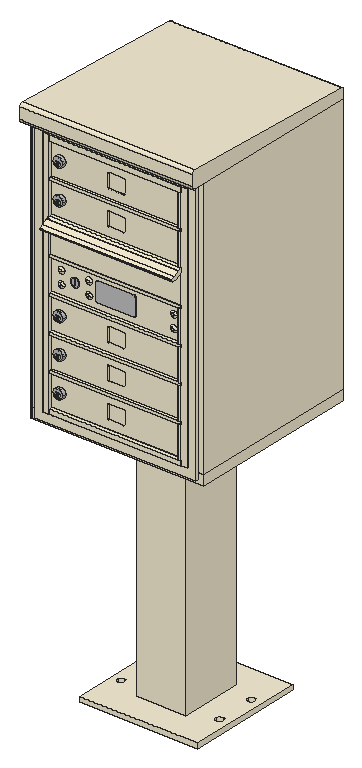
Revit family "Mailboxes_4C-Salsbury_Industries-Pedestal_Mounted-7_Door_High_Units", category Specialty Equipment, Revit 2016
Family settings
  Part Type = Normal
  Round Connector Dimension = Use Diameter
  OmniClass Number = 23.40.90.14.11
  OmniClass Title = Mail Boxes
  Work Plane-Based = No
  Always vertical = Yes
  Cut with Voids When Loaded = No
  Shared = No
  Room Calculation Point = No
Parameters (values of type "3407S-05")
  Width = 17.496"
  Visible Door Number [instance] = yes
  Version = "1.0 (06/30/17)"
  URL = "www.mailboxes.com"
  Type Comments = "Pedestal Mounted 4C Horizontal Mailboxes - Front Loading"
  OmniClass 23 Title = "Mail Boxes"
  OmniClass 23 Number = "23.40.90.14.11"
  Model = "3407S-05"
  MasterFormat Title = "Postal Specialties"
  MasterFormat Number = "10 55 00"
  Manufacturer = "Salsbury Industries"
  Lock Material = Stainless Steel - Salsbury Finish -  Polished
  Height = 55.125"
  Front Panel Material [instance] = Paint - Salsbury Finish - Sandstone
  Pedestal Height = 26.000"
  Door Slot R7 Number [instance] = "5"
  Door Slot R6 Number [instance] = "4"
  Door Slot R5 Number [instance] = "3"
  Door Slot R4 Number [instance] = "0"
  Door Slot R3 Number [instance] = "0"
  Door Slot R2 Number [instance] = "2"
  Door Slot R1 Number [instance] = "1"
  Door Slot L7 Number [instance] = "0"
  Door Slot L6 Number [instance] = "0"
  Door Slot L5 Number [instance] = "0"
  Door Slot L4 Number [instance] = "0"
  Door Slot L3 Number [instance] = "0"
  Door Slot L2 Number [instance] = "0"
  Door Slot L1 Number [instance] = "0"
  Description = "7 Door High Unit:  5 MB1, OM2"
  Depth = 19.000"
  Assembly Description = "Mailboxes"
  Assembly Code = "C1030910"
  4C Unit Height = 27.000"
  4C Unit Elevation = 26.375"
  4C Unit = Mailboxes_4C-Salsbury_Industries-Front_Load-7_Door_High_Units : 3707S-05 FL
Reference planes (in)
  plane 1 "Center (Front/Back)": y = 0
  plane 2 "Bottom of Unit": z = 0
  plane 3 "Center (Left/Right)": x = 0
  plane 4 "Left Side of Unit": x = 8.748
  plane 5 "Right Side of Unit": x = -8.748
  plane 6 "Front of Unit": y = -9.5
  plane 7 "Back of Unit": y = 9.5
  plane 8: z = 27.5625
  plane 9 "Top of Unit": z = 55.125
  plane 10 "Top Trim Line of Enclosure": z = 53.375
  plane 11 "Left Trim Line of Enclosure": x = 7.6855
  plane 12 "Right Trim Line of Enclosure": x = -7.685
  plane 13 "Top Back Line of Unit": z = 54.375
  plane 14 "Top of Pedestal, Bottom of Enclosure": z = 26
  plane 15 "Alignment of 4C Unit": y = -8.125
  plane 16: x = -8.667
  plane 17: x = 8.667
  plane 18: y = 9.419
  plane 19: y = -8.044
  plane 20: x = -8.667
  plane 21: x = 8.667
  plane 22: y = -8.044
  plane 23: y = 9.419
  plane 24: x = -8.667
  plane 25: x = 8.667
  plane 26: y = 9.419
  plane 27: y = -8.044
  plane 28 "Bottom Trim Line of 4C Unit": z = 26.375
  plane 29 "4C Unit Side Alignment": x = -8.17183
  plane 30 "Top Pedestal Base-Bottom Side": z = 25.5
  plane 31 "Bottom Line of Enclosure Opening": z = 27
  plane 32: z = 26.081
  plane 33 "Bottom Pedestal Base-Top Side": z = 0.5
  plane 34 "Pedestal Support - Left Side": x = -2.50001
  plane 35 "Pedestal Support - Right Side": x = 2.50001
  plane 36 "Back of Pedestal Base": y = 6.625
  plane 37 "Front of Pedestal Base": y = -5.375
  plane 38 "Pedestal Support - Back": y = 3.812
  plane 39 "Pedestal Support - Front": y = -2.563
  plane 40 "Left Side of Pedestal Base": x = -6
  plane 41 "Right Side of Pedestal Base": x = 6
  plane 42: y = 2.625
  plane 43: y = -1.375
  plane 44: x = -5
  plane 45: x = 5
Forms (in)
  Extrusion 1, solid, material "Paint - Salsbury Finish - Sandstone" <- "Front Panel Material"
    sketch origin (0, 0, 1.5) x (0, 1, 0) y (-1, 0, 0)
      loop
        line (-8.125, 7.685) -> (-8.044, 7.685) -> (-8.044, 8.667) -> (9.419, 8.667) -> (9.419, -8.667) -> (-8.044, -8.667) -> (-8.044, -7.6855) -> (-8.125, -7.6855) -> (-8.125, -8.748) -> (9.5, -8.748) -> (9.5, 8.748) -> (-8.125, 8.748) -> (-8.125, 7.685)
    from 25.5 to 51.875
  Extrusion 2, solid, material "Paint - Salsbury Finish - Sandstone" <- "Front Panel Material"
    sketch origin (0, 0, 26) x (0, 1, 0) y (-1, 0, 0)
      loop
        line (9.5, 8.748) -> (-8.125, 8.748) -> (-8.125, -8.748) -> (9.5, -8.748) -> (9.5, 8.748)
      loop
        line (9.419, 8.667) -> (-8.044, 8.667) -> (-8.044, -8.667) -> (9.419, -8.667) -> (9.419, 8.667)
    from 0 to 1
  Extrusion 3, solid, material "Paint - Salsbury Finish - Sandstone" <- "Front Panel Material"
    sketch origin (0, 0, 26) x (0, 1, 0) y (-1, 0, 0)
      loop
        line (9.419, 8.667) -> (-8.044, 8.667) -> (-8.044, -8.667) -> (9.419, -8.667) -> (9.419, 8.667)
    from 0 to 0.081
  Extrusion 4, solid, material "Paint - Salsbury Finish - Sandstone" <- "Front Panel Material"
    sketch origin (0, 0, 0) x (0, 1, 0) y (0, 0, 1)
      loop
        line (-9.18965, 53.375) -> (9.5, 53.375) -> (9.5, 54.26571)
        arc (9.5, 54.26571) -> (9.47754, 54.33373) -> (9.419, 54.375) r 0.11423
        line (9.419, 54.375) -> (-9.184, 55.125)
        arc (-9.184, 55.125) -> (-9.40731, 55.03386) -> (-9.5, 54.81119) r 0.31382
        line (-9.5, 54.81119) -> (-9.5, 53.68535)
        arc (-9.5, 53.68535) -> (-9.4091, 53.4659) -> (-9.18965, 53.375) r 0.31035
    from -8.748 to 8.748
  Extrusion 5, solid, material "Paint - Salsbury Finish - Sandstone" <- "Front Panel Material"
    sketch origin (0, 0, 0) x (1, 0, 0) y (0, 1, 0)
      loop
        line (-6, 6.625) -> (-6, -5.375) -> (6, -5.375) -> (6, 6.625) -> (-6, 6.625)
    from 0 to 0.5
  Extrusion 6, solid, material "Paint - Salsbury Finish - Sandstone" <- "Front Panel Material"
    sketch origin (0, 0, 25.5) x (0, -1, 0) y (1, 0, 0)
      loop
        line (-6.625, -6) -> (5.375, -6) -> (5.375, 6) -> (-6.625, 6) -> (-6.625, -6)
    from 0 to 0.5
  Extrusion 7, solid, material "Paint - Salsbury Finish - Sandstone" <- "Front Panel Material"
    sketch origin (0, 0, 0.5) x (0, -1, 0) y (1, 0, 0)
      loop
        line (-3.812, -2.50001) -> (2.563, -2.50001) -> (2.563, 2.50001) -> (-3.812, 2.50001) -> (-3.812, -2.50001)
    from 0 to 25
  Extrusion 8, void
    sketch origin (0, 0, 0) x (1, 0, 0) y (0, 1, 0)
      loop
        circle (-5, 2.625) r 0.375
      loop
        circle (-5, -1.375) r 0.375
      loop
        circle (5, 2.625) r 0.375
      loop
        circle (5, -1.375) r 0.375
    from 0 to 0.5
  Extrusion 9, void
    sketch origin (0, 0, 25.5) x (0, -1, 0) y (1, 0, 0)
      loop
        circle (-2.625, -5) r 0.375
      loop
        circle (1.375, -5) r 0.375
      loop
        circle (-2.625, 5) r 0.375
      loop
        circle (1.375, 5) r 0.375
    from 0 to 0.5
Cuts and joins
  Extrusion 8 cuts Extrusion 5
  Extrusion 9 cuts Extrusion 3
  Extrusion 9 cuts Extrusion 6
Lines and regions (in)
  symbolic lines
    curve 1: line (-8.748, 9.5, 0) -> (8.748, 9.5, 0)
    curve 2: line (-8.748, -8.125, 0) -> (-8.748, 9.5, 0)
    curve 3: line (8.748, -8.125, 0) -> (-8.748, -8.125, 0)
    curve 4: line (8.748, 9.5, 0) -> (8.748, -8.125, 0)
    curve 5: line (-8.748, 0, 55.125) -> (8.748, 0, 55.125)
    curve 6: line (-8.748, 0, 26) -> (-8.748, 0, 55.125)
    curve 7: line (8.748, 0, 26) -> (-8.748, 0, 26)
    curve 8: line (8.748, 0, 55.125) -> (8.748, 0, 26)
    curve 9: line (-8.748, 0, 53.375) -> (8.748, 0, 53.375)
    curve 10: line (-7.685, 0, 27) -> (-7.685, 0, 53.375)
    curve 11: line (7.6855, 0, 27) -> (7.6855, 0, 53.375)
    curve 12: line (0, -8.125, 53.37573) -> (0, 9.5, 53.37573)
    curve 13: line (0, -8.125, 26) -> (0, -8.125, 53.37573)
    curve 14: line (0, 6.625, 0) -> (0, -5.375, 0)
    curve 15: line (0, 9.5, 53.37573) -> (0, 9.5, 26)
    curve 16: line (0, -8.125, 27) -> (0, 9.5, 27)
    curve 17: line (0, 9.5, 54.26571) -> (0, 9.5, 53.37573)
    curve 18: line (0, 9.5, 53.37573) -> (0, -9.19074, 53.37573)
    curve 19: line (0, -9.5, 53.68499) -> (0, -9.5, 54.81031)
    curve 20: arc (0, -9.19074, 53.37573) -> (0, -9.40942, 53.46631) -> (0, -9.5, 53.68499) r 0.30926
    curve 21: arc (0, -9.5, 54.81031) -> (0, -9.40736, 55.03396) -> (0, -9.18371, 55.1266) r 0.31629
    curve 22: arc (0, 9.5, 54.26571) -> (0, 9.47754, 54.33373) -> (0, 9.419, 54.375) r 0.11423
    curve 23: line (0, 9.419, 54.375) -> (0, -9.18371, 55.1266)
    curve 24: line (-8.748, 0, 27) -> (8.748, 0, 27)
    curve 25: line (-6, 0, 26) -> (-6, 0, 25.5)
    curve 26: line (-6, 0, 25.5) -> (6, 0, 25.5)
    curve 27: line (6, 0, 25.5) -> (6, 0, 26)
    curve 28: line (-6, 0, 0.5) -> (6, 0, 0.5)
    curve 29: line (-6, 0, 0) -> (-6, 0, 0.5)
    curve 30: line (6, 0, 0) -> (-6, 0, 0)
    curve 31: line (6, 0, 0.5) -> (6, 0, 0)
    curve 32: line (-2.50001, 0, 0.5) -> (-2.50001, 0, 25.5)
    curve 33: line (2.50001, 0, 0.5) -> (2.50001, 0, 25.5)
    curve 34: line (0, -8.125, 26) -> (0, 9.5, 26)
    curve 35: line (0, -5.375, 26) -> (0, -5.375, 25.5)
    curve 36: line (0, -5.375, 25.5) -> (0, 6.625, 25.5)
    curve 37: line (0, 6.625, 25.5) -> (0, 6.625, 26)
    curve 38: line (0, 6.625, 0) -> (0, 6.625, 0.5)
    curve 39: line (0, 6.625, 0.5) -> (0, -5.375, 0.5)
    curve 40: line (0, -5.375, 0.5) -> (0, -5.375, 0)
    curve 41: line (0, -2.563, 0.5) -> (0, -2.563, 25.5)
    curve 42: line (0, 3.812, 0.5) -> (0, 3.812, 25.5)
Dimensions and locks (in)
  equal spacing: plane 6 "Front of Unit", plane 1 "Center (Front/Back)", plane 7 "Back of Unit"
  "Depth": plane 6 "Front of Unit" to plane 7 "Back of Unit"
  equal spacing: plane 5 "Right Side of Unit", plane 3 "Center (Left/Right)", plane 4 "Left Side of Unit"
  "Width": plane 5 "Right Side of Unit" to plane 4 "Left Side of Unit"
  equal spacing: plane 2 "Bottom of Unit", plane 8, plane 9 "Top of Unit"
  plane 2 "Bottom of Unit" to plane 9 "Top of Unit" = 55.125"
  "Pedestal Height": plane 2 "Bottom of Unit" to plane 14 "Top of Pedestal, Bottom of Enclosure"
  locked: plane 5 "Right Side of Unit" to plane 12 "Right Trim Line of Enclosure" at 1.063
  locked: plane 11 "Left Trim Line of Enclosure" to plane 4 "Left Side of Unit" at 1.0625
  plane 10 "Top Trim Line of Enclosure" to plane 13 "Top Back Line of Unit" to plane 9 "Top of Unit" = 1.000", 0.750"
  plane 6 "Front of Unit" to plane 15 "Alignment of 4C Unit" = 1.375"
  plane 10 "Top Trim Line of Enclosure" to plane 9 "Top of Unit" = 1.750"
  plane 5 "Right Side of Unit" to plane 16 = 0.081"
  plane 18 to plane 7 "Back of Unit" = 0.081"
  plane 17 to plane 4 "Left Side of Unit" = 0.081"
  plane 15 "Alignment of 4C Unit" to plane 19 = 0.081"
  plane 23 to plane 7 "Back of Unit" = 0.081"
  plane 5 "Right Side of Unit" to plane 20 = 0.081"
  plane 21 to plane 4 "Left Side of Unit" = 0.081"
  plane 15 "Alignment of 4C Unit" to plane 22 = 0.081"
  plane 15 "Alignment of 4C Unit" to plane 27 = 0.081"
  plane 25 to plane 4 "Left Side of Unit" = 0.081"
  plane 5 "Right Side of Unit" to plane 24 = 0.081"
  plane 26 to plane 7 "Back of Unit" = 0.081"
  plane 29 "4C Unit Side Alignment" to plane 12 "Right Trim Line of Enclosure" = 0.48683"
  "Height": plane 9 "Top of Unit" to plane 2 "Bottom of Unit"
  "4C Unit Height": plane 10 "Top Trim Line of Enclosure" to plane 28 "Bottom Trim Line of 4C Unit"
  plane 31 "Bottom Line of Enclosure Opening" to plane 14 "Top of Pedestal, Bottom of Enclosure" to plane 30 "Top Pedestal Base-Bottom Side" = 1.000", 0.500"
  locked: plane 32 to plane 14 "Top of Pedestal, Bottom of Enclosure" at 0.081
  plane 33 "Bottom Pedestal Base-Top Side" to plane 2 "Bottom of Unit" = 0.500"
  equal spacing: plane 34 "Pedestal Support - Left Side", plane 3 "Center (Left/Right)", plane 35 "Pedestal Support - Right Side"
  plane 34 "Pedestal Support - Left Side" to plane 35 "Pedestal Support - Right Side" = 5.00002"
  plane 37 "Front of Pedestal Base" to plane 1 "Center (Front/Back)" to plane 36 "Back of Pedestal Base" = 5.375", 6.625"
  plane 40 "Left Side of Pedestal Base" to plane 3 "Center (Left/Right)" to plane 41 "Right Side of Pedestal Base" = 6.000", 6.000"
  plane 39 "Pedestal Support - Front" to plane 1 "Center (Front/Back)" to plane 38 "Pedestal Support - Back" = 2.563", 3.812"
  plane 45 to plane 41 "Right Side of Pedestal Base" = 1.000"
  plane 40 "Left Side of Pedestal Base" to plane 44 = 1.000"
  plane 42 to plane 36 "Back of Pedestal Base" = 4.000"
  plane 37 "Front of Pedestal Base" to plane 43 = 4.000"
  aligned and locked: level to plane 2 "Bottom of Unit"
  aligned and locked: Extrusion 1 to plane 10 "Top Trim Line of Enclosure"
  aligned and locked: Extrusion 2 sketch curve to Extrusion 1  (x4)
  aligned and locked: Extrusion 3 sketch curve to Extrusion 1  (x3)
  aligned and locked: Extrusion 4 to plane 4 "Left Side of Unit"
  aligned and locked: plane 5 "Right Side of Unit" to Extrusion 4
  aligned and locked: plane 12 "Right Trim Line of Enclosure" to Extrusion 1 sketch curve
  aligned and locked: Extrusion 1 sketch curve to plane 19
  aligned and locked: Extrusion 1 sketch curve to plane 15 "Alignment of 4C Unit"  (x2)
  aligned and locked: Extrusion 1 sketch curve to plane 5 "Right Side of Unit"
  aligned and locked: plane 16 to Extrusion 1 sketch curve
  aligned and locked: Extrusion 1 sketch curve to plane 18
  aligned and locked: plane 7 "Back of Unit" to Extrusion 1 sketch curve
  aligned and locked: plane 4 "Left Side of Unit" to Extrusion 1 sketch curve
  aligned and locked: Extrusion 1 sketch curve to plane 17
  aligned and locked: plane 19 to Extrusion 1 sketch curve
  aligned and locked: plane 11 "Left Trim Line of Enclosure" to Extrusion 1 sketch curve
  aligned and locked: plane 6 "Front of Unit" to Extrusion 4 sketch curve  (x2)
  aligned and locked: plane 10 "Top Trim Line of Enclosure" to Extrusion 4 sketch curve
  aligned and locked: Extrusion 4 sketch curve to plane 7 "Back of Unit"
  aligned and locked: plane 7 "Back of Unit" to Extrusion 4 sketch curve
  aligned and locked: plane 13 "Top Back Line of Unit" to Extrusion 4 sketch curve
  aligned and locked: plane 9 "Top of Unit" to Extrusion 4 sketch curve
  aligned and locked: plane 21 to Extrusion 2 sketch curve
  aligned and locked: Extrusion 2 sketch curve to plane 20
  aligned and locked: plane 23 to Extrusion 2 sketch curve
  aligned and locked: curve 1 to Extrusion 1
  aligned and locked: curve 2 to Extrusion 1
  aligned and locked: curve 3 to Extrusion 2
  aligned and locked: curve 4 to Extrusion 1
  aligned and locked: curve 6 to Extrusion 4
  aligned and locked: curve 7 to Extrusion 2
  aligned and locked: plane 9 "Top of Unit" to curve 5
  aligned and locked: curve 9 to Extrusion 1
  aligned and locked: plane 5 "Right Side of Unit" to curve 9
  aligned and locked: plane 4 "Left Side of Unit" to curve 9
  aligned and locked: Extrusion 1 to curve 10
  aligned and locked: curve 11 to Extrusion 1
  aligned and locked: plane 10 "Top Trim Line of Enclosure" to curve 11
  aligned and locked: plane 7 "Back of Unit" to curve 15
  aligned and locked: plane 2 "Bottom of Unit" to curve 14
  aligned and locked: plane 10 "Top Trim Line of Enclosure" to Extrusion 4
  aligned and locked: plane 15 "Alignment of 4C Unit" to Extrusion 1
  aligned and locked: Extrusion 1 to curve 16
  aligned and locked: plane 7 "Back of Unit" to curve 16
  aligned and locked: plane 15 "Alignment of 4C Unit" to curve 16
  aligned and locked: curve 17 to Extrusion 4
  aligned and locked: curve 18 to curve 12
  aligned and locked: curve 19 to Extrusion 4
  aligned and locked: Extrusion 2 to plane 31 "Bottom Line of Enclosure Opening"
  aligned and locked: Extrusion 1 to Extrusion 2
  aligned and locked: plane 14 "Top of Pedestal, Bottom of Enclosure" to Extrusion 3
  aligned and locked: Extrusion 3 to plane 32
  aligned and locked: plane 36 "Back of Pedestal Base" to Extrusion 5 sketch curve
  aligned and locked: Extrusion 5 sketch curve to plane 40 "Left Side of Pedestal Base"
  aligned and locked: Extrusion 5 sketch curve to plane 37 "Front of Pedestal Base"
  aligned and locked: plane 41 "Right Side of Pedestal Base" to Extrusion 5 sketch curve
  aligned and locked: Extrusion 5 to plane 33 "Bottom Pedestal Base-Top Side"
  aligned and locked: Extrusion 6 sketch curve to plane 36 "Back of Pedestal Base"
  aligned and locked: plane 40 "Left Side of Pedestal Base" to Extrusion 6 sketch curve
  aligned and locked: plane 37 "Front of Pedestal Base" to Extrusion 6 sketch curve
  aligned and locked: Extrusion 6 sketch curve to plane 41 "Right Side of Pedestal Base"
  aligned and locked: Extrusion 6 to plane 14 "Top of Pedestal, Bottom of Enclosure"
  aligned and locked: plane 30 "Top Pedestal Base-Bottom Side" to Extrusion 6
  aligned and locked: Extrusion 5 to level
  aligned and locked: Extrusion 7 sketch curve to plane 38 "Pedestal Support - Back"
  aligned and locked: plane 34 "Pedestal Support - Left Side" to Extrusion 7 sketch curve
  aligned and locked: plane 39 "Pedestal Support - Front" to Extrusion 7 sketch curve
  aligned and locked: Extrusion 7 sketch curve to plane 35 "Pedestal Support - Right Side"
  aligned and locked: Extrusion 7 to plane 30 "Top Pedestal Base-Bottom Side"
  aligned and locked: plane 33 "Bottom Pedestal Base-Top Side" to Extrusion 7
  aligned and locked: Extrusion 8 to plane 33 "Bottom Pedestal Base-Top Side"
  aligned and locked: Extrusion 8 to level
  aligned and locked: Extrusion 9 to plane 14 "Top of Pedestal, Bottom of Enclosure"
  aligned and locked: plane 30 "Top Pedestal Base-Bottom Side" to Extrusion 9
  aligned and locked: plane 31 "Bottom Line of Enclosure Opening" to curve 24
  aligned and locked: plane 31 "Bottom Line of Enclosure Opening" to curve 11
  aligned and locked: curve 25 to cut or joined group of Extrusion 6, Extrusion 9
  aligned and locked: curve 26 to cut or joined group of Extrusion 6, Extrusion 9
  aligned and locked: curve 27 to cut or joined group of Extrusion 6, Extrusion 9
  aligned and locked: curve 28 to cut or joined group of Extrusion 5, Extrusion 8
  aligned and locked: curve 29 to cut or joined group of Extrusion 5, Extrusion 8
  aligned and locked: curve 30 to cut or joined group of Extrusion 5, Extrusion 8
  aligned and locked: curve 31 to cut or joined group of Extrusion 5, Extrusion 8
  aligned and locked: curve 13 to Extrusion 2
  aligned and locked: curve 34 to Extrusion 2
  aligned and locked: curve 35 to cut or joined group of Extrusion 6, Extrusion 9
  aligned and locked: curve 36 to cut or joined group of Extrusion 6, Extrusion 9
  aligned and locked: curve 37 to cut or joined group of Extrusion 6, Extrusion 9
  aligned and locked: curve 38 to cut or joined group of Extrusion 5, Extrusion 8
  aligned and locked: curve 39 to cut or joined group of Extrusion 5, Extrusion 8
  aligned and locked: curve 40 to cut or joined group of Extrusion 5, Extrusion 8
  aligned and locked: curve 33 to Extrusion 7
  aligned and locked: plane 29 "4C Unit Side Alignment" to nested 1
Automatic sketch dimensions
  Extrusion 4 sketch curve to plane 26 = 0.000"
  Extrusion 4 sketch curve to plane 6 "Front of Unit" = 0.31035"
  Extrusion 4 sketch curve to plane 6 "Front of Unit" = 0.31382"
  plane 26 to Extrusion 4 sketch curve = 0.03323"
  Extrusion 4 sketch curve to Extrusion 4 sketch curve = 0.00218"
  plane 22 to Extrusion 2 sketch curve = 0.000"
  plane 27 to Extrusion 3 sketch curve = 0.000"
  plane 43 to Extrusion 8 sketch curve = 0.000"  (x2)
  Extrusion 8 sketch curve to plane 44 = 0.000"  (x2)
  plane 42 to Extrusion 8 sketch curve = 0.000"  (x2)
  Extrusion 8 sketch curve to plane 45 = 0.000"  (x2)
  plane 42 to Extrusion 9 sketch curve = 0.000"  (x2)
  plane 43 to Extrusion 9 sketch curve = 0.000"  (x2)
  Extrusion 9 sketch curve to plane 44 = 0.000"  (x2)
  Extrusion 9 sketch curve to plane 45 = 0.000"  (x2)
  plane 13 "Top Back Line of Unit" to curve 23 = 0.000"
  curve 23 to plane 26 = 0.000"
  curve 20 to plane 6 "Front of Unit" = 0.30926"
  curve 21 to curve 21 = 0.31629"
  plane 26 to curve 22 = 0.03323"
  curve 13 to plane 10 "Top Trim Line of Enclosure" = 0.00073"
  plane 9 "Top of Unit" to curve 19 = 0.31469"
  curve 41 to plane 39 "Pedestal Support - Front" = 0.000"
  curve 42 to plane 38 "Pedestal Support - Back" = 0.000"
  plane 34 "Pedestal Support - Left Side" to curve 32 = 0.000"
  curve 25 to plane 14 "Top of Pedestal, Bottom of Enclosure" = 0.000"
  radius of Extrusion 8 sketch curve = 0.375"  (x4)
  radius of Extrusion 9 sketch curve = 0.375"  (x4)
Nested families (in)
  nested 1: "Mailboxes_4C-Salsbury_Industries-Front_Load-7_Door_High_Units" at (7.377, -8.125, -0.308) x (-1, 0, 0) z (0, 0, 1), built-in parameter 1001360 <- "4C Unit Elevation", type <- "4C Unit", Front Panel Material <- "Front Panel Material", Visible Door Number <- "Visible Door Number", Door Slot L1 Number <- "Door Slot L1 Number", Door Slot L2 Number <- "Door Slot L2 Number", Door Slot L3 Number <- "Door Slot L3 Number", Door Slot L4 Number <- "Door Slot L4 Number", Door Slot L5 Number <- "Door Slot L5 Number", Door Slot L6 Number <- "Door Slot L6 Number", Door Slot L7 Number <- "Door Slot L7 Number", Door Slot R1 Number <- "Door Slot R1 Number", Door Slot R2 Number <- "Door Slot R2 Number", Door Slot R3 Number <- "Door Slot R3 Number", Door Slot R4 Number <- "Door Slot R4 Number", Door Slot R5 Number <- "Door Slot R5 Number", Door Slot R6 Number <- "Door Slot R6 Number", Door Slot R7 Number <- "Door Slot R7 Number", type "3707S-05 FL"
    with Visible Door Number yes, Front Panel Material Paint - Salsbury Finish - Sandstone, Door Slot R7 Number "5", Door Slot R6 Number "4", Door Slot R5 Number "3", Door Slot R4 Number "0", Door Slot R3 Number "0", Door Slot R2 Number "2", Door Slot R1 Number "1", Door Slot L7 Number "0", Door Slot L6 Number "0", Door Slot L5 Number "0", Door Slot L4 Number "0", Door Slot L3 Number "0", Door Slot L2 Number "0", Door Slot L1 Number "0", built-in parameter 1001320 48.000"
Definition of nested family "Mailboxes_4C-Salsbury_Industries-Front_Load-7_Door_High_Units"
  Parameters (values of type "3707S-05 FL")
    Width = 16.344"
    URL = "www.mailboxes.com"
    OmniClass 23 Title = "Mail Boxes"
    OmniClass 23 Number = "23.40.90.14.11"
    Visible Door Number [instance] = yes
    Vertical Center Divider = no
    Version = "3.0 (06/30/17)"
    Type Comments = "4C Standard Horizontal Mailbox - Front Loading"
    Top Back Plate = yes
    Right Inside Wall = yes
    Model = "3707S-05 FL"
    MasterFormat Title = "Postal Specialties"
    MasterFormat Number = "10 55 00"
    Manufacturer = "Salsbury Industries"
    Mail Door Symbollic = yes
    Lock Material = none
    Left Inside Wall = yes
    Keynote = ""
    Height = 27.000"
    Front Panel Material [instance] = none
    Door Slot R7 Number [instance] = "5"
    Door Slot R7 = 3700 Series 4C Door Configurations : MB1 Door w/ Divider
    Door Slot R6 Number [instance] = "4"
    Door Slot R6 = 3700 Series 4C Door Configurations : MB1 Door w/ Divider
    Door Slot R5 Number [instance] = "3"
    Door Slot R5 = 3700 Series 4C Door Configurations : MB1 Door w/ Divider
    Door Slot R4 Number [instance] = "0"
    Door Slot R4 = 3700 Series 4C OM2 Configuration : OM2-FL
    Door Slot R3 Number [instance] = "0"
    Door Slot R3 = 3700 Series 4C Door Configurations : Empty
    Door Slot R2 Number [instance] = "2"
    Door Slot R2 = 3700 Series 4C Door Configurations : MB1 Door w/ Divider
    Door Slot R1 Number [instance] = "1"
    Door Slot R1 = 3700 Series 4C Door Configurations : MB1 Door
    Door Slot L7 Number [instance] = "0"
    Door Slot L7 = 3700 Series 4C Door Configurations : Empty
    Door Slot L6 Number [instance] = "0"
    Door Slot L6 = 3700 Series 4C Door Configurations : Empty
    Door Slot L5 Number [instance] = "0"
    Door Slot L5 = 3700 Series 4C Door Configurations : Empty
    Door Slot L4 Number [instance] = "0"
    Door Slot L4 = 3700 Series 4C Door Configurations : Empty
    Door Slot L3 Number [instance] = "0"
    Door Slot L3 = 3700 Series 4C Door Configurations : Empty
    Door Slot L2 Number [instance] = "0"
    Door Slot L2 = 3700 Series 4C Door Configurations : Empty
    Door Slot L1 Number [instance] = "0"
    Door Slot L1 = 3700 Series 4C Door Configurations : Empty
    Description = "7 Door High Unit:  5 MB1, OM2"
    Depth = 17.025"
    Default Elevation [instance] = 48.000"
    Center Extrusion Offset = 0.000"
    Bottom Back Plate = yes
    Back Enclosure Material = none
    Assembly Description = "Mailboxes"
    Assembly Code = "C1030910"
  Types (7): name | Width | Vertical Center Divider | Type Comments | Top Back Plate | Right Inside Wall | Model | Mail Door Symbollic | Left Inside Wall | Door Slot R7 Number | Door Slot R7 | Door Slot R6 Number | Door Slot R6 | Door Slot R5 Number | Door Slot R5 | Door Slot R4 | Door Slot R2 Number | Door Slot R2 | Door Slot R1 Number | Door Slot R1 | Door Slot L7 Number | Door Slot L7 | Door Slot L6 Number | Door Slot L6 | Door Slot L5 Number | Door Slot L5 | Door Slot L4 Number | Door Slot L4 | Door Slot L3 Number | Door Slot L3 | Door Slot L2 Number | Door Slot L2 | Door Slot L1 Number | Door Slot L1 | Description | Center Extrusion Offset | Bottom Back Plate
    3707S-1B FL | 16.344" | no | "4C Horizontal Receptacle Bin - Front Loading" | no | no | "3707S-1B FL" | no | no | "0" | 4C-7 Door High Receptacle : 4C-7 Door High Receptacle | "0" | 3700 Series 4C Door Configurations : Empty | "0" | 3700 Series 4C Door Configurations : Empty | 3700 Series 4C Door Configurations : Empty | "0" | 3700 Series 4C Door Configurations : Empty | "0" | 3700 Series 4C Door Configurations : Empty | "0" | 3700 Series 4C Door Configurations : Empty | "0" | 3700 Series 4C Door Configurations : Empty | "0" | 3700 Series 4C Door Configurations : Empty | "0" | 3700 Series 4C Door Configurations : Empty | "0" | 3700 Series 4C Door Configurations : Empty | "0" | 3700 Series 4C Door Configurations : Empty | "0" | 3700 Series 4C Door Configurations : Empty | "7 Door High Unit" | 48.000" | no
    3707D-12 FL | 31.09766" | yes | "4C Standard Horizontal Mailbox - Front Loading" | yes | yes | "3707D-12 FL" | yes | yes | "12" | 3700 Series 4C Door Configurations : MB1 Door w/ Divider | "11" | 3700 Series 4C Door Configurations : MB1 Door w/ Divider | "10" | 3700 Series 4C Door Configurations : MB1 Door w/ Divider | 3700 Series 4C OM2 Configuration : OM2-FL | "9" | 3700 Series 4C Door Configurations : MB1 Door w/ Divider | "8" | 3700 Series 4C Door Configurations : MB1 Door | "7" | 3700 Series 4C Door Configurations : MB1 Door w/ Divider | "6" | 3700 Series 4C Door Configurations : MB1 Door w/ Divider | "5" | 3700 Series 4C Door Configurations : MB1 Door w/ Divider | "4" | 3700 Series 4C Door Configurations : MB1 Door w/ Divider | "3" | 3700 Series 4C Door Configurations : MB1 Door w/ Divider | "2" | 3700 Series 4C Door Configurations : MB1 Door w/ Divider | "1" | 3700 Series 4C Door Configurations : MB1 Door | "7 Door High Unit:  12 MB1, OM2" | 0.000" | yes
    3707S-05 FL | 16.344" | no | "4C Standard Horizontal Mailbox - Front Loading" | yes | yes | "3707S-05 FL" | yes | yes | "5" | 3700 Series 4C Door Configurations : MB1 Door w/ Divider | "4" | 3700 Series 4C Door Configurations : MB1 Door w/ Divider | "3" | 3700 Series 4C Door Configurations : MB1 Door w/ Divider | 3700 Series 4C OM2 Configuration : OM2-FL | "2" | 3700 Series 4C Door Configurations : MB1 Door w/ Divider | "1" | 3700 Series 4C Door Configurations : MB1 Door | "0" | 3700 Series 4C Door Configurations : Empty | "0" | 3700 Series 4C Door Configurations : Empty | "0" | 3700 Series 4C Door Configurations : Empty | "0" | 3700 Series 4C Door Configurations : Empty | "0" | 3700 Series 4C Door Configurations : Empty | "0" | 3700 Series 4C Door Configurations : Empty | "0" | 3700 Series 4C Door Configurations : Empty | "7 Door High Unit:  5 MB1, OM2" | 0.000" | yes
    3707D-06 FL | 31.09766" | yes | "4C Standard Horizontal Mailbox - Front Loading" | yes | yes | "3707D-06 FL" | yes | yes | "6" | 3700 Series 4C Door Configurations : MB1 Door w/ Divider | "5" | 3700 Series 4C Door Configurations : MB1 Door w/ Divider | "4" | 3700 Series 4C Door Configurations : MB1 Door w/ Divider | 3700 Series 4C OM2 Configuration : OM2-FL | "3" | 3700 Series 4C Door Configurations : MB1 Door w/ Divider | "2" | 3700 Series 4C Door Configurations : MB1 Door | "1P" | 3700 Series 4C Parcel Configurations : PL6 w/ Divider | "0" | 3700 Series 4C Door Configurations : Empty | "0" | 3700 Series 4C Door Configurations : Empty | "0" | 3700 Series 4C Door Configurations : Empty | "0" | 3700 Series 4C Door Configurations : Empty | "0" | 3700 Series 4C Door Configurations : Empty | "1" | 3700 Series 4C Door Configurations : MB1 Door | "7 Door High Unit:  6 MB1, 1 PL6, OM2" | 0.000" | yes
    3707D-05 FL | 31.09766" | yes | "4C Standard Horizontal Mailbox - Front Loading" | yes | yes | "3707D-05 FL" | yes | yes | "5" | 3700 Series 4C Door Configurations : MB3 Door w/ Divider | "0" | 3700 Series 4C Door Configurations : Empty | "0" | 3700 Series 4C Door Configurations : Empty | 3700 Series 4C OM2 Configuration : OM2-FL | "4" | 3700 Series 4C Door Configurations : MB2 Door | "0" | 3700 Series 4C Door Configurations : Empty | "3" | 3700 Series 4C Door Configurations : MB3 Door w/ Divider | "0" | 3700 Series 4C Door Configurations : Empty | "0" | 3700 Series 4C Door Configurations : Empty | "2" | 3700 Series 4C Door Configurations : MB2 Door w/ Divider | "0" | 3700 Series 4C Door Configurations : Empty | "1" | 3700 Series 4C Door Configurations : MB2 Door | "0" | 3700 Series 4C Door Configurations : Empty | "7 Door High Unit:  3 MB2, 2 MB3, OM2" | 0.000" | yes
    3707D-03 FL | 31.09766" | yes | "4C Standard Horizontal Mailbox - Front Loading" | yes | yes | "3707D-03 FL" | yes | yes | "3" | 3700 Series 4C Door Configurations : MB3 Door w/ Divider | "0" | 3700 Series 4C Door Configurations : Empty | "0" | 3700 Series 4C Door Configurations : Empty | 3700 Series 4C OM2 Configuration : OM2-FL | "2" | 3700 Series 4C Door Configurations : MB2 Door | "0" | 3700 Series 4C Door Configurations : Empty | "1P" | 3700 Series 4C Parcel Configurations : PL5 w/ Divider | "0" | 3700 Series 4C Door Configurations : Empty | "0" | 3700 Series 4C Door Configurations : Empty | "0" | 3700 Series 4C Door Configurations : Empty | "0" | 3700 Series 4C Door Configurations : Empty | "1" | 3700 Series 4C Door Configurations : MB2 Door | "0" | 3700 Series 4C Door Configurations : Empty | "7 Door High Unit:  2 MB2, 1 MB3, 1 PL5, OM2" | 0.000" | yes
    3707S-1P FL | 16.344" | no | "4C Standard Horizontal Mailbox - Front Loading" | yes | yes | "3707S-1P FL" | yes | yes | "1P" | 3700 Series 4C Parcel Configurations : PL5 w/ Divider | "0" | 3700 Series 4C Door Configurations : Empty | "0" | 3700 Series 4C Door Configurations : Empty | 3700 Series 4C Door Configurations : Empty | "0" | 3700 Series 4C OM2 Configuration : OM2-FL | "1" | 3700 Series 4C Door Configurations : Empty | "0" | 3700 Series 4C Door Configurations : Empty | "0" | 3700 Series 4C Door Configurations : Empty | "0" | 3700 Series 4C Door Configurations : Empty | "0" | 3700 Series 4C Door Configurations : Empty | "0" | 3700 Series 4C Door Configurations : Empty | "0" | 3700 Series 4C Door Configurations : Empty | "0" | 3700 Series 4C Door Configurations : Empty | "7 Door High Unit:  1 PL5, OM2" | 0.000" | yes
  Reference planes (in)
    plane 1 "Wall Centerline": y = -3
    plane 2 "Center (Left/Right)": x = 0
    plane 3 "Front": y = 0
    plane 4 "15" AFF": z = 28
    plane 5 "28" AFF": z = 28
    plane 6 "36" AFF": z = 36
    plane 7 "48" AFF": z = 48
    plane 8 "Bottom of Unit": z = 26.683
    plane 9 "Top of Unit": z = 53.683
    plane 10 "Left Side of Unit": x = 15.54883
    plane 11 "Right Side of Unit": x = -0.79517
    plane 12 "28" AFF_Bottom of Unit": z = 26.683
    plane 13 "Top Horiz Trim Align": z = 52.85225
    plane 14 "Bottom Horiz Trim Align": z = 27.515
    plane 15 "Left Trim Align": x = 14.716
    plane 16 "Right Trim Align": x = 0.03766
    plane 17 "Left Door Align": x = 14.06641
    plane 18 "Right Door Align": x = 0.68725
    plane 19 "Top Horiz Door Align": z = 52.26125
    plane 20 "Bottom Horiz Door Align": z = 28
    plane 21 "Front Face of Unit": y = 0.265
    plane 22 "Top Housing Align": z = 53.179
    plane 23 "Top Collar Align": z = 53.031
    plane 24 "Top Box Align": z = 52.676
    plane 25 "Vertical Housing Align": y = -1.205
    plane 26 "Vertical Collar Align": y = -2.205
    plane 27 "Back of Unit": y = -16.76
    plane 28 "Bottom Housing Align": z = 27.187
    plane 29 "Bottom Collar Align": z = 27.335
    plane 30 "Bottom Box Align": z = 27.75
    plane 31 "Door Alignment": y = -0.33191
    plane 32 "Right Housing Align": x = -0.08817
    plane 33 "Right Collar Align": x = 1.34483
    plane 34 "Right Box Side Align": x = 1.67283
    plane 35 "Left Housing Align": x = 14.84183
    plane 36 "Left Collar Align": x = 13.40883
    plane 37 "Left Side Box Align": x = 13.08083
    plane 38 "Top Back Plate Align": z = 51.897
    plane 39 "Bottom Back Plate Align": z = 28.499
    plane 40 "Back": y = -6
    plane 41 "RO Left Side": x = 15.17383
    plane 42 "RO Right Side": x = -0.42017
    plane 43 "RO Bottom": z = 27.058
    plane 44 "RO Top": z = 53.308
    plane 45 "Horiz Centerline": z = 42.04237
    plane 46: z = 27.885
    plane 47: x = 12.99983
    plane 48: x = 12.92758
    plane 49 "Center Extrusion": x = 0
    plane 50 "Center Extrusion Offset": x = 0
    plane 51 "Row 7 Top Align": z = 31.5
    plane 52 "Row 6 Top Align": z = 35
    plane 53 "Row 5 Top Align": z = 38.5
    plane 54 "Row 4 Top Align": z = 42
    plane 55 "Row 3 Top Align": z = 45.5
    plane 56 "Row 2 Top Align": z = 49
    plane 57 "Row 16 Top Align-Private": z = 31.5
    plane 58 "Row 15 Top Align-Private": z = 35
    plane 59 "Row 14 Top Align-Private": z = 38.5
    plane 60 "Row 13 Top Align-Private": z = 42
    plane 61 "Row 12 Top Align-Private": z = 45.5
    plane 62 "Row 11 Top Align-Private": z = 49
    plane 63 "Row 10 Top Align-Private": z = 52.25
    plane 64 "Row 9 Top Align-Private": z = 55.75
    plane 65 "Row 8 Top Align-Private": z = 59.25
    plane 66 "Top of Face Gap": z = 61.25
    plane 67 "Top Latch Align": z = 44.376
    plane 68 "Bottom Latch Align": z = 36.05
    plane 69 "Right Latch Align": x = -0.69183
    plane 70 "Left Latch Align": x = 0.69098
    plane 71 "Latch Alignment Edge": x = -0.79517
    plane 72: x = -12.92783
    plane 73: x = -12.99983
    plane 74: y = -16.84203
    plane 75: x = -2
    plane 76: x = -0.7705
    plane 77: x = 0.7705
    plane 78: x = 2
    plane 79: y = -16.67797
    plane 80: x = -0.69098
    plane 81: x = 0.69183
    plane 82: z = 50.397
    plane 83: z = 29.999
    plane 84: z = 52.31729
    plane 85: z = 28.41625
    plane 86: z = 27.446
    plane 87: z = 28.055
    plane 88: y = -6
    plane 89: x = 14.06267
  Forms (in)
    Extrusion 1, solid, material <- "Front Panel Material"
      sketch origin (0, 0, 0) x (1, 0, 0) y (0, 0, 1)
        loop
          line (15.54883, 53.683) -> (-0.79517, 53.683) -> (-0.79517, 26.683) -> (15.54883, 26.683) -> (15.54883, 53.683)
      from -0.265 to 0
    Extrusion 2, void
      sketch origin (0, 0.265, 0.00774) x (0, 0, -1) y (-1, 0, 0)
        loop
          line (-52.84451, -14.716) -> (-27.50726, -14.716) -> (-27.50726, -0.03766) -> (-52.84451, -0.03766) -> (-52.84451, -14.716)
      from -0.265 to 0
    Extrusion 3, solid, material <- "Front Panel Material"
      sketch origin (14.98214, 0.265, -1.67978) x (0, 0, -1) y (-1, 0, 0)
        loop
          line (-54.53203, 14.94448) -> (-54.53203, 14.29489) -> (-29.19478, 14.29489) -> (-29.19478, 14.94448) -> (-54.53203, 14.94448)
      from 0 to -0.265
    Extrusion 4, solid, material <- "Front Panel Material"
      sketch origin (0, 0.265, 0) x (0, 0, -1) y (-1, 0, 0)
        loop
          line (-27.515, -14.06641) -> (-27.515, -0.68725) -> (-28, -0.68725) -> (-28, -14.06641) -> (-27.515, -14.06641)
      from -0.265 to 0
    Extrusion 5, solid, material <- "Front Panel Material"
      sketch origin (0, 0.265, 0) x (0, 0, -1) y (-1, 0, 0)
        loop
          line (-52.85225, -14.716) -> (-27.515, -14.716) -> (-27.515, -14.06641) -> (-52.85225, -14.06641) -> (-52.85225, -14.716)
      from 0 to -0.265
    Extrusion 6, solid, material <- "Front Panel Material"
      sketch origin (0, 0.265, 0) x (0, 0, -1) y (-1, 0, 0)
        loop
          line (-52.85225, -14.06641) -> (-52.26125, -14.06641) -> (-52.26125, -0.68725) -> (-52.85225, -0.68725) -> (-52.85225, -14.06641)
      from -0.265 to 0
    Extrusion 7, solid, material <- "Front Panel Material", visible <- "Vertical Center Divider"
      sketch origin (-0.77934, 0.265, 0) x (0, 0, 1) y (1, 0, 0)
        loop
          line (52.85225, 1.47033) -> (27.515, 1.47033) -> (27.515, 0.08752) -> (52.85225, 0.08752) -> (52.85225, 1.47033)
      from 0 to -1.47
    Extrusion 8, solid
      sketch origin (0, -6, 60) x (0, 0, 1) y (1, 0, 0)
        loop
          line (-60, -60) -> (60, -60) -> (60, 60) -> (-60, 60) -> (-60, -60)
      from 0 to 6
  Cuts and joins
    Extrusion 2 cuts Extrusion 1
  Lines and regions (in)
    model lines
      curve 1: line (15.54883, 0.265, 53.683) -> (14.716, 0.265, 52.85225)
      curve 2: line (-0.79517, 0.265, 53.683) -> (0.03766, 0.265, 52.85225)
      curve 3: line (-0.79517, 0.265, 26.683) -> (0.03766, 0.265, 27.515)
      curve 4: line (15.54883, 0.265, 26.683) -> (14.716, 0.265, 27.515)
    reference lines
      curve 5: line (0.68725, -0.33191, 26.683) -> (0.68725, -0.33191, 53.683)
      curve 6: line (14.06641, -0.33191, 26.683) -> (14.06641, -0.33191, 53.683)
    symbolic lines
      curve 7: line (-0.79517, 0.265, 28) -> (15.54883, 0.265, 28)
      curve 8: line (-0.79517, 0, 28) -> (-0.79517, 0.265, 28)
      curve 9: line (15.54883, 0, 28) -> (-0.79517, 0, 28)
      curve 10: line (15.54883, 0.265, 28) -> (15.54883, 0, 28)
    symbolic lines, visible <- "Mail Door Symbollic"
      curve 11: line (0.68725, 0.265, 28) -> (0.68725, 1.43, 28)
      curve 12: line (0.68725, 1.43, 28) -> (14.06267, 1.43, 28)
      curve 13: line (14.06267, 1.43, 28) -> (14.06267, 0.265, 28)
  Text (in)
    text "Placement Side" at (0, 40.15149, 123.01588), in view "Right"
    text "Placement Side" at (-58.6842, 42.74981, 0), in view "Ref. Level"
    text "Placement Side" at (0, 47.49176, 140.59947), in view "Left"
  Dimensions and locks (in)
    locked: plane 3 "Front" to Extrusion 8
    level to plane 4 "15" AFF" = 28.000"
    locked: level to plane 5 "28" AFF" at 28
    locked: level to plane 6 "36" AFF" at 36
    locked: level to plane 7 "48" AFF" at 48
    plane 8 "Bottom of Unit" to plane 4 "15" AFF" = 1.317"
    "Height": plane 8 "Bottom of Unit" to plane 9 "Top of Unit"
    plane 12 "28" AFF_Bottom of Unit" to plane 5 "28" AFF" = 1.317"
    locked: plane 15 "Left Trim Align" to plane 10 "Left Side of Unit" at 0.83283
    locked: plane 16 "Right Trim Align" to plane 11 "Right Side of Unit" at 0.83283
    locked: plane 13 "Top Horiz Trim Align" to plane 9 "Top of Unit" at 0.83075
    locked: plane 8 "Bottom of Unit" to plane 14 "Bottom Horiz Trim Align" at 0.832
    plane 17 "Left Door Align" to plane 15 "Left Trim Align" = 0.64959"
    locked: plane 18 "Right Door Align" to plane 16 "Right Trim Align" at 0.64959
    locked: plane 19 "Top Horiz Door Align" to plane 13 "Top Horiz Trim Align" at 0.591
    locked: plane 14 "Bottom Horiz Trim Align" to plane 20 "Bottom Horiz Door Align" at 0.485
    plane 20 "Bottom Horiz Door Align" to level = 28.000"
    plane 5 "28" AFF" to level = 28.000"
    plane 6 "36" AFF" to level = 36.000"
    plane 7 "48" AFF" to level = 48.000"
    plane 9 "Top of Unit" to plane 8 "Bottom of Unit" = 27.000"
    plane 21 "Front Face of Unit" to Extrusion 8 = 0.265"
    locked: Extrusion 8 to plane 25 "Vertical Housing Align" at 1.205
    locked: plane 25 "Vertical Housing Align" to plane 26 "Vertical Collar Align" at 1
    plane 25 "Vertical Housing Align" to plane 27 "Back of Unit" = 15.555"
    "Depth": plane 21 "Front Face of Unit" to plane 27 "Back of Unit"
    locked: plane 9 "Top of Unit" to plane 22 "Top Housing Align" at 0.504
    locked: plane 22 "Top Housing Align" to plane 23 "Top Collar Align" at 0.148
    locked: plane 23 "Top Collar Align" to plane 24 "Top Box Align" at 0.355
    locked: plane 28 "Bottom Housing Align" to plane 8 "Bottom of Unit" at 0.504
    locked: plane 29 "Bottom Collar Align" to plane 28 "Bottom Housing Align" at 0.148
    locked: plane 30 "Bottom Box Align" to plane 29 "Bottom Collar Align" at 0.415
    plane 24 "Top Box Align" to plane 30 "Bottom Box Align" = 24.926"  (x2)
    locked: plane 21 "Front Face of Unit" to plane 31 "Door Alignment" at 0.59691
    plane 11 "Right Side of Unit" to plane 32 "Right Housing Align" to plane 33 "Right Collar Align" to plane 34 "Right Box Side Align" = 0.707" locked, 1.433" locked, 0.328" locked
    plane 37 "Left Side Box Align" to plane 36 "Left Collar Align" to plane 35 "Left Housing Align" to plane 10 "Left Side of Unit" = 0.328" locked, 1.433" locked, 0.707" locked
    plane 11 "Right Side of Unit" to plane 32 "Right Housing Align" to plane 33 "Right Collar Align" to plane 34 "Right Box Side Align" = 0.707", 1.433", 0.328"
    plane 37 "Left Side Box Align" to plane 36 "Left Collar Align" to plane 35 "Left Housing Align" to plane 10 "Left Side of Unit" = 0.328", 1.433", 0.707"
    plane 9 "Top of Unit" to plane 24 "Top Box Align" = 1.007"
    plane 30 "Bottom Box Align" to plane 8 "Bottom of Unit" = 1.067"
    locked: plane 24 "Top Box Align" to plane 38 "Top Back Plate Align" at 0.779
    locked: plane 39 "Bottom Back Plate Align" to plane 30 "Bottom Box Align" at 0.749
    locked: plane 41 "RO Left Side" to plane 10 "Left Side of Unit" at 0.375
    locked: plane 42 "RO Right Side" to plane 11 "Right Side of Unit" at 0.375
    locked: plane 8 "Bottom of Unit" to plane 43 "RO Bottom" at 0.375
    locked: plane 44 "RO Top" to plane 9 "Top of Unit" at 0.375
    plane 46 to plane 30 "Bottom Box Align" = 0.135"
    plane 47 to plane 37 "Left Side Box Align" = 0.081"
    plane 48 to plane 47 = 0.07225"
    plane 18 "Right Door Align" to plane 17 "Left Door Align" = 13.37916"
    "Center Extrusion Offset": plane 49 "Center Extrusion" to plane 50 "Center Extrusion Offset"
    plane 20 "Bottom Horiz Door Align" to plane 51 "Row 7 Top Align" to plane 52 "Row 6 Top Align" to plane 53 "Row 5 Top Align" to plane 54 "Row 4 Top Align" to plane 55 "Row 3 Top Align" to plane 56 "Row 2 Top Align" = 3.500", 3.500" locked, 3.500" locked, 3.500" locked, 3.500" locked, 3.500" locked
    plane 4 "15" AFF" to plane 57 "Row 16 Top Align-Private" = 3.500"
    plane 57 "Row 16 Top Align-Private" to plane 58 "Row 15 Top Align-Private" to plane 59 "Row 14 Top Align-Private" to plane 60 "Row 13 Top Align-Private" to plane 61 "Row 12 Top Align-Private" to plane 62 "Row 11 Top Align-Private" to plane 63 "Row 10 Top Align-Private" to plane 64 "Row 9 Top Align-Private" to plane 65 "Row 8 Top Align-Private" = 3.500" locked, 3.500" locked, 3.500" locked, 3.500" locked, 3.500" locked, 3.250" locked, 3.500" locked, 3.500" locked
    locked: plane 65 "Row 8 Top Align-Private" to plane 66 "Top of Face Gap" at 2
    level to plane 8 "Bottom of Unit" = 26.683"
    locked: plane 69 "Right Latch Align" to plane 70 "Left Latch Align" at 1.38281
    plane 24 "Top Box Align" to plane 67 "Top Latch Align" = 8.300"
    plane 68 "Bottom Latch Align" to plane 30 "Bottom Box Align" = 8.300"
    plane 71 "Latch Alignment Edge" to plane 69 "Right Latch Align" = 0.10334"
    plane 73 to plane 72 to plane 34 "Right Box Side Align" = 0.072", 14.60066"
    plane 74 to plane 27 "Back of Unit" = 0.08203"
    plane 27 "Back of Unit" to plane 79 = 0.08203"
    plane 75 to plane 76 to plane 69 "Right Latch Align" to plane 50 "Center Extrusion Offset" = 1.2295", 0.07867", 0.69183"
    plane 50 "Center Extrusion Offset" to plane 70 "Left Latch Align" to plane 77 to plane 78 = 0.69098", 0.07952", 1.2295"
    plane 80 to plane 49 "Center Extrusion" to plane 81 = 0.69098" locked, 0.69183" locked
    plane 11 "Right Side of Unit" to Extrusion 1 = 16.344"
    plane 38 "Top Back Plate Align" to plane 82 = 1.500"
    plane 83 to plane 39 "Bottom Back Plate Align" = 1.500"
    locked: plane 84 to plane 24 "Top Box Align" at 0.35871
    plane 14 "Bottom Horiz Trim Align" to plane 85 = 0.90125"
    plane 86 to plane 30 "Bottom Box Align" to plane 87 = 0.304" locked, 0.305" locked
    plane 11 "Right Side of Unit" to plane 2 "Center (Left/Right)" to plane 10 "Left Side of Unit" = 0.79517", 15.54883"
    "Width": plane 11 "Right Side of Unit" to plane 10 "Left Side of Unit"
    locked: plane 18 "Right Door Align" to plane 89 at 13.37542
    aligned and locked: plane 8 "Bottom of Unit" to Extrusion 1 sketch curve
    aligned and locked: plane 10 "Left Side of Unit" to Extrusion 1 sketch curve
    aligned and locked: Extrusion 1 sketch curve to plane 11 "Right Side of Unit"
    aligned and locked: Extrusion 1 sketch curve to plane 9 "Top of Unit"
    aligned and locked: plane 21 "Front Face of Unit" to Extrusion 1
    aligned and locked: Extrusion 3 to plane 16 "Right Trim Align"
    aligned and locked: plane 18 "Right Door Align" to Extrusion 3
    aligned and locked: plane 13 "Top Horiz Trim Align" to Extrusion 3
    aligned and locked: Extrusion 4 to plane 14 "Bottom Horiz Trim Align"
    aligned and locked: Extrusion 4 to plane 17 "Left Door Align"
    aligned and locked: plane 20 "Bottom Horiz Door Align" to Extrusion 4
    aligned and locked: Extrusion 4 to plane 18 "Right Door Align"
    aligned and locked: plane 25 "Vertical Housing Align" to Extrusion 7
    aligned and locked: plane 21 "Front Face of Unit" to Extrusion 7
    aligned and locked: nested 1 to plane 56 "Row 2 Top Align"
    aligned and locked: nested 8 to plane 17 "Left Door Align"
    aligned and locked: nested 8 to plane 56 "Row 2 Top Align"
    aligned and locked: plane 31 "Door Alignment" to nested 8  (x2)
    aligned and locked: nested 9 to plane 17 "Left Door Align"
    aligned and locked: nested 9 to plane 55 "Row 3 Top Align"
    aligned and locked: plane 31 "Door Alignment" to nested 9  (x2)
    aligned and locked: nested 7 to curve 5
    aligned and locked: nested 6 to curve 5
    aligned and locked: nested 5 to curve 5
    aligned and locked: nested 3 to curve 5
    aligned and locked: nested 14 to curve 6
    aligned and locked: nested 13 to curve 6
    aligned and locked: nested 12 to curve 6
    aligned and locked: nested 11 to curve 6
    aligned and locked: nested 10 to curve 6
    aligned and locked: nested 9 to curve 6
    aligned and locked: nested 8 to curve 6
    aligned and locked: plane 31 "Door Alignment" to nested 6
    aligned and locked: plane 31 "Door Alignment" to nested 13
    aligned and locked: plane 31 "Door Alignment" to nested 5
    aligned and locked: plane 31 "Door Alignment" to nested 3
    aligned and locked: plane 31 "Door Alignment" to nested 10
    aligned and locked: plane 31 "Door Alignment" to nested 12
    aligned and locked: plane 31 "Door Alignment" to nested 2
    aligned and locked: plane 31 "Door Alignment" to nested 4
    aligned and locked: nested 1 to curve 5
    aligned and locked: nested 2 to curve 5
    aligned and locked: nested 4 to curve 5
    aligned and locked: plane 31 "Door Alignment" to nested 1
    aligned and locked: plane 31 "Door Alignment" to nested 7
    aligned and locked: plane 11 "Right Side of Unit" to plane 71 "Latch Alignment Edge"
    aligned and locked: nested 1 to curve 11
    aligned and locked: plane 21 "Front Face of Unit" to cut or joined group of Extrusion 1, Extrusion 2
    aligned and locked: plane 3 "Front" to cut or joined group of Extrusion 1, Extrusion 2
    aligned and locked: plane 13 "Top Horiz Trim Align" to Extrusion 7
    aligned and locked: Extrusion 7 to plane 14 "Bottom Horiz Trim Align"
    aligned and locked: plane 69 "Right Latch Align" to Extrusion 7
    aligned and locked: Extrusion 7 to plane 70 "Left Latch Align"
    aligned and locked: plane 9 "Top of Unit" to curve 5
    aligned and locked: plane 8 "Bottom of Unit" to curve 5
    aligned and locked: plane 8 "Bottom of Unit" to curve 6
    aligned and locked: curve 6 to plane 17 "Left Door Align"
    aligned and locked: plane 10 "Left Side of Unit" to curve 1
    aligned and locked: plane 9 "Top of Unit" to curve 1
    aligned and locked: plane 15 "Left Trim Align" to curve 1
    aligned and locked: plane 13 "Top Horiz Trim Align" to curve 1
    aligned and locked: plane 11 "Right Side of Unit" to curve 2
    aligned and locked: plane 9 "Top of Unit" to curve 2
    aligned and locked: plane 16 "Right Trim Align" to curve 2
    aligned and locked: plane 13 "Top Horiz Trim Align" to curve 2
    aligned and locked: plane 10 "Left Side of Unit" to curve 4
    aligned and locked: plane 8 "Bottom of Unit" to curve 4
    aligned and locked: plane 15 "Left Trim Align" to curve 4
    aligned and locked: plane 14 "Bottom Horiz Trim Align" to curve 4
    aligned and locked: plane 8 "Bottom of Unit" to curve 3
    aligned and locked: plane 11 "Right Side of Unit" to curve 3
    aligned and locked: plane 16 "Right Trim Align" to curve 3
    aligned and locked: plane 14 "Bottom Horiz Trim Align" to curve 3
    aligned and locked: plane 51 "Row 7 Top Align" to nested 13
    aligned and locked: plane 51 "Row 7 Top Align" to nested 6
    aligned and locked: plane 52 "Row 6 Top Align" to nested 5
    aligned and locked: plane 54 "Row 4 Top Align" to nested 3
    aligned and locked: plane 54 "Row 4 Top Align" to nested 10
    aligned and locked: plane 53 "Row 5 Top Align" to nested 4
    aligned and locked: plane 52 "Row 6 Top Align" to nested 12
    aligned and locked: plane 53 "Row 5 Top Align" to nested 11
    aligned and locked: plane 31 "Door Alignment" to nested 11
    aligned and locked: plane 20 "Bottom Horiz Door Align" to nested 7
    aligned and locked: plane 20 "Bottom Horiz Door Align" to nested 14
    aligned and locked: plane 31 "Door Alignment" to nested 14
    aligned and locked: plane 55 "Row 3 Top Align" to nested 2
    aligned and locked: plane 89 to curve 13
  Automatic sketch dimensions
    Extrusion 2 sketch curve to plane 13 "Top Horiz Trim Align" = 0.000"
    Extrusion 2 sketch curve to plane 14 "Bottom Horiz Trim Align" = 0.000"
    plane 15 "Left Trim Align" to Extrusion 2 sketch curve = 0.000"
    Extrusion 2 sketch curve to plane 16 "Right Trim Align" = 0.000"
    Extrusion 3 sketch curve to plane 13 "Top Horiz Trim Align" = 0.000"
    plane 14 "Bottom Horiz Trim Align" to Extrusion 3 sketch curve = 0.000"
    plane 16 "Right Trim Align" to Extrusion 3 sketch curve = 0.000"
    Extrusion 3 sketch curve to plane 18 "Right Door Align" = 0.000"
    plane 13 "Top Horiz Trim Align" to Extrusion 5 sketch curve = 0.000"
    Extrusion 5 sketch curve to plane 14 "Bottom Horiz Trim Align" = 0.000"
    Extrusion 5 sketch curve to plane 15 "Left Trim Align" = 0.000"
    plane 17 "Left Door Align" to Extrusion 5 sketch curve = 0.000"
    plane 13 "Top Horiz Trim Align" to Extrusion 6 sketch curve = 0.000"
    Extrusion 6 sketch curve to plane 17 "Left Door Align" = 0.000"
    Extrusion 6 sketch curve to plane 18 "Right Door Align" = 0.000"
    Extrusion 6 sketch curve to plane 19 "Top Horiz Door Align" = 0.000"
    plane 4 "15" AFF" to Extrusion 4 sketch curve = 0.000"
    Extrusion 4 sketch curve to plane 14 "Bottom Horiz Trim Align" = 0.000"
    Extrusion 4 sketch curve to plane 17 "Left Door Align" = 0.000"
    Extrusion 4 sketch curve to plane 18 "Right Door Align" = 0.000"
    plane 21 "Front Face of Unit" to curve 12 = 1.165"
    curve 9 to Extrusion 8 = 0.000"
    curve 9 to plane 11 "Right Side of Unit" = 0.000"
    curve 7 to plane 21 "Front Face of Unit" = 0.000"
    curve 6 to plane 9 "Top of Unit" = 0.000"
    curve 5 to plane 18 "Right Door Align" = 0.000"
    Extrusion 8 sketch curve to Extrusion 8 sketch curve = 120.000"  (x2)
    Extrusion 7 sketch curve to plane 14 "Bottom Horiz Trim Align" = 0.000"
    Extrusion 7 sketch curve to plane 13 "Top Horiz Trim Align" = 0.000"
    plane 69 "Right Latch Align" to Extrusion 7 sketch curve = 0.000"
    plane 70 "Left Latch Align" to Extrusion 7 sketch curve = 0.000"
    curve 9 to plane 10 "Left Side of Unit" = 0.000"
  Nested families (in)
    nested 1: "3700 Series 4C Door Configurations" at (7.37475, -0.20495, 49) x (-1, 0, 0) z (0, 0, 1), type <- "Door Slot R1", Door Number <- "Door Slot R1 Number", type "MB1 Door"
      with Door Number "1"
    nested 2: "3700 Series 4C Door Configurations" at (7.37475, -0.20495, 45.5) x (-1, 0, 0) z (0, 0, 1), type <- "Door Slot R2", Door Number <- "Door Slot R2 Number", type "MB1 Door w/ Divider"
      with Door Number "2"
    nested 3: "3700 Series 4C Door Configurations" at (7.37475, -0.20495, 42) x (-1, 0, 0) z (0, 0, 1), type <- "Door Slot R3", Door Number <- "Door Slot R3 Number", type "Empty"
      with Door Number "0"
    nested 4: "3700 Series 4C OM2 Configuration" at (7.37475, -0.20495, 38.5) x (-1, 0, 0) z (0, 0, 1), type <- "Door Slot R4", Door Number <- "Door Slot R4 Number", type "OM2-FL"
      with Door Number "0"
    nested 5: "3700 Series 4C Door Configurations" at (7.37475, -0.20495, 35) x (-1, 0, 0) z (0, 0, 1), type <- "Door Slot R5", Door Number <- "Door Slot R5 Number", type "MB1 Door w/ Divider"
      with Door Number "3"
    nested 6: "3700 Series 4C Door Configurations" at (7.37475, -0.20495, 31.5) x (-1, 0, 0) z (0, 0, 1), type <- "Door Slot R6", Door Number <- "Door Slot R6 Number", type "MB1 Door w/ Divider"
      with Door Number "4"
    nested 7: "3700 Series 4C Door Configurations" at (7.37475, -0.20495, 28) x (-1, 0, 0) z (0, 0, 1), type <- "Door Slot R7", Door Number <- "Door Slot R7 Number", type "MB1 Door w/ Divider"
      with Door Number "5"
    nested 8: "3700 Series 4C Door Configurations" at (7.37891, -0.20495, 49) x (-1, 0, 0) z (0, 0, 1), type <- "Door Slot L1", Door Number <- "Door Slot L1 Number", type "Empty"
      with Door Number "0"
    nested 9: "3700 Series 4C Door Configurations" at (7.37891, -0.20495, 45.5) x (-1, 0, 0) z (0, 0, 1), type <- "Door Slot L2", Door Number <- "Door Slot L2 Number", type "Empty"
      with Door Number "0"
    nested 10: "3700 Series 4C Door Configurations" at (7.37891, -0.20495, 42) x (-1, 0, 0) z (0, 0, 1), type <- "Door Slot L3", Door Number <- "Door Slot L3 Number", type "Empty"
      with Door Number "0"
    nested 11: "3700 Series 4C Door Configurations" at (7.37891, -0.20495, 38.5) x (-1, 0, 0) z (0, 0, 1), type <- "Door Slot L4", Door Number <- "Door Slot L4 Number", type "Empty"
      with Door Number "0"
    nested 12: "3700 Series 4C Door Configurations" at (7.37891, -0.20495, 35) x (-1, 0, 0) z (0, 0, 1), type <- "Door Slot L5", Door Number <- "Door Slot L5 Number", type "Empty"
      with Door Number "0"
    nested 13: "3700 Series 4C Door Configurations" at (7.37891, -0.20495, 31.5) x (-1, 0, 0) z (0, 0, 1), type <- "Door Slot L6", Door Number <- "Door Slot L6 Number", type "Empty"
      with Door Number "0"
    nested 14: "3700 Series 4C Door Configurations" at (7.37891, -0.20495, 28) x (-1, 0, 0) z (0, 0, 1), type <- "Door Slot L7", Door Number <- "Door Slot L7 Number", type "Empty"
      with Door Number "0"
  Definition of nested family "3700 Series 4C Door Configurations"
    Parameters (values of type "MB3 Door")
      Weight = "15 lbs."
      Visible Door Number = yes
      URL = ""
      Model = "3700MB3"
      Manufacturer = "Salsbury Industries"
      Lock Material = none
      Inset Offset = 0.000"
      Front Panel Material = none
      Door Width = 13.375"
      Door Visibility-MB1 = yes
      Door Number [instance] = "101"
      Door Lock = yes
      Door Height = 10.23047"
      Door Divider = no
      Door Depth = 0.25391"
      Description = "MB3 Door for 3700 Series 4C Mailboxes"
      Cost = 0
      Center Lock-Vertical = 0.875"
      Center Lock-Horizontal = 1.61523"
    Types (11): name | Weight | Visible Door Number | Model | Inset Offset | Door Visibility-MB1 | Door Lock | Door Height | Door Divider | Description
      MB1 Door w/ Divider | "5 lbs." | yes | "3700MB1" | 0.000" | yes | yes | 3.23047" | yes | "MB1 Door for 3700 Series 4C Mailboxes"
      MB1 Door | "5 lbs." | yes | "3700MB1" | 0.000" | yes | yes | 3.23047" | no | "MB1 Door for 3700 Series 4C Mailboxes"
      MB2 Door | "10 lbs." | yes | "3700MB2" | 0.000" | yes | yes | 6.73047" | no | "MB2 Door for 3700 Series 4C Mailboxes"
      MB2 Door w/ Divider | "10 lbs." | yes | "3700MB2" | 0.000" | yes | yes | 6.73047" | yes | "MB2 Door for 3700 Series 4C Mailboxes"
      MB3 Door | "15 lbs." | yes | "3700MB3" | 0.000" | yes | yes | 10.23047" | no | "MB3 Door for 3700 Series 4C Mailboxes"
      MB3 Door w/ Divider | "15 lbs." | yes | "3700MB3" | 0.000" | yes | yes | 10.23047" | yes | "MB3 Door for 3700 Series 4C Mailboxes"
      MB4 Door | "20 lbs." | yes | "3700MB4" | 0.000" | yes | yes | 13.73047" | no | "MB4 Door for 3700 Series 4C Mailboxes"
      MB4 Door w/ Divider | "20 lbs." | yes | "3700MB4" | 0.000" | yes | yes | 13.73047" | yes | "MB4 Door for 3700 Series 4C Mailboxes"
      Blank Door | "5 lbs." | no | "3700MB1" | 0.18359" | yes | no | 3.23047" | no | "MB1 Door for 3700 Series 4C Mailboxes"
      Blank Door w/ Divider | "5 lbs." | no | "3700MB1" | 0.18402" | yes | no | 3.23047" | yes | "MB1 Door for 3700 Series 4C Mailboxes"
      Empty | "5 lbs." | no | "Empty MB1" | 0.18359" | no | no | 3.23047" | no | "Empty MB1 Door for 3700 Series 4C Mailboxes"
    Reference planes (in)
      plane 1 "Center (Front/Back)": y = 0
      plane 2 "Bottom of Door": z = 0
      plane 3 "Center (Left/Right)": x = 0
      plane 4 "Left Side Face of Door": x = -6.6875
      plane 5 "Right Side Face of Door": x = 6.6875
      plane 6 "Back Face of Door": y = 0.12695
      plane 7 "Front Face of Door": y = -0.12695
      plane 8: z = 10.23047
      plane 9: z = 5.11523
      plane 10 "Face of Divider": y = -0.46995
      plane 11 "Center Lock Vertical": x = -5.8125
      plane 12 "Center Lock Horizontal": z = 1.61523
      plane 13 "Face of Lock": y = -0.42383
      plane 14 "Divider Height Align": z = 10.50047
      plane 15 "Inset Center": x = -0.0975
      plane 16 "Inset Offset": y = -0.12695
      plane 17: z = 5.49038
      plane 18: z = 4.74072
    Forms (in)
      Extrusion 1, solid, material <- "Front Panel Material", visible <- "Door Visibility-MB1"
        sketch origin (0, 0, 0) x (1, 0, 0) y (0, 1, 0)
          loop
            line (-6.4355, 0.12695) -> (-6.6875, -0.05445) -> (-6.6875, -0.12695) -> (6.05625, -0.12695)
            arc (6.05625, -0.12695) -> (6.19558, -0.17661) -> (6.27209, -0.3032) r 0.22029
            arc (6.27209, -0.3032) -> (6.3553, -0.42132) -> (6.4925, -0.46664) r 0.23034
            arc (6.4925, -0.46664) -> (6.63039, -0.40952) -> (6.6875, -0.27164) r 0.195
            line (6.6875, -0.27164) -> (6.6875, 0.12695) -> (-6.4355, 0.12695)
        from 0 to 10.23047
      Blend 2, solid, material <- "Lock Material", visible <- "Door Lock"
        base sketch origin (0, -0.12695, 0) x (-1, 0, 0) y (0, 0, 1)
          loop
            circle (5.8125, 5.11523) r 0.525
        top sketch origin (0, -0.12695, 0) x (-1, 0, 0) y (0, 0, 1)
          loop
            circle (5.8125, 5.11523) r 0.485
        from 0 to -0.29688
